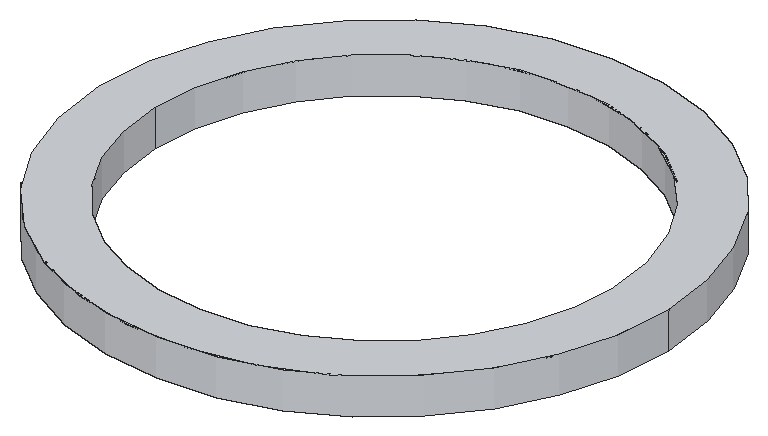
Revit family "LR5", category Generic Models, Revit 2017
Family settings
  Can host rebar = No
  Round Connector Dimension = Use Diameter
  Part Type = Normal
  Work Plane-Based = Yes
  Always vertical = No
  Cut with Voids When Loaded = No
  Shared = No
  Room Calculation Point = No
Parameters (values of type "NBS Standard Parameters")
  Weight = "0.0311Kg"
  WarrantyStartDate [instance] = "1900-12-31T23:59:59"
  WarrantyGuarantorParts = "n/a"
  WarrantyGuarantorLabor = "n/a"
  WarrantyDurationUnit = "1 year"
  WarrantyDurationParts = "n/a"
  WarrantyDurationLabor = "n/a"
  WarrantyDescription = "n/a"
  Version = "1"
  Uniclass2 = "Pr_65_70_11_20"
  TagNumber [instance] = "n/a"
  SustainabilityPerformance = "n/a"
  Size = "2\""
  Shape = "Circular"
  SerialNumber [instance] = "n/a"
  Revision = "n/a"
  ReplacementCost = "n/a"
  ProductInformation = "www.metpro.co.uk/pdf/LR5.pdf"
  NominalWidth = 61.8 mm
  NominalLength = 61.8 mm
  NominalHeight = 3.9 mm
  Name = ""
  NBSTypeID = ""
  NBSReference = "90-55-10/460"
  NBSOfficeMasterTag = ""
  NBSNote = ""
  NBSDescription = "Conduit Fittings"
  NBSCertification = ""
  ModelReference = "LR5"
  ModelNumber = "n/a"
  Material = "Steel"
  ManufacturerURL = "www.metpro.co.uk"
  ManufacturerName = "Metpro Ltd"
  Keynote = "Compliant to LU standard 1-085"
  InstallationDate [instance] = "1900-12-31T23:59:59"
  IfcExportType = ""
  IfcExportAs = ""
  Grade = "n/a"
  Finish = "BZP"
  Features = "n/a"
  ExpectedLife = "n/a"
  DurationUnit = "year"
  Description = "LR5  2\" Milled Edge Lockring"
  Default Elevation = 1219.2 mm
  Constituents = "n/a"
  Color = "n/a"
  CodePerformance = "n/a"
  Category = "n/a"
  BarCode [instance] = "n/a"
  BIMObjectName = "Metpro_Metprolibrary_Conduitfittings_Metalcomponent_Steelaccessories"
  Author = "Metpro Ltd"
  AssetType = ""
  AssetIdentifier [instance] = "n/a"
  AccessibilityPerformance = "n/a"
Reference planes
  plane 1 "Center (Front/Back)": y = 0
  plane 2: z = 0
  plane 3 "Center (Left/Right)": x = 0
Forms (mm)
  Extrusion 1, solid
    sketch origin (0, 0, 0) x (1, 0, 0) y (0, 1, 0)
      loop
        circle (0, 0) r 25
      loop
        circle (0, 0) r 31
    from 0 to 4
Dimensions and locks
  aligned and locked: level to plane 2
